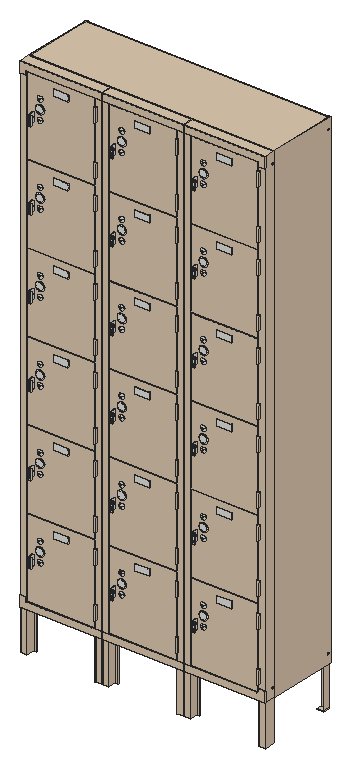
Revit family "Metal_Vented_Lockers-Salsbury_Industries-75000_76000_Series-3_Wide_Units", category Specialty Equipment, Revit 2016
Family settings
  Part Type = Normal
  Round Connector Dimension = Use Diameter
  OmniClass Number = 23.40.00.00
  OmniClass Title = Equipment and Furnishings
  Work Plane-Based = No
  Always vertical = Yes
  Cut with Voids When Loaded = No
  Shared = No
  Room Calculation Point = No
Parameters (values of type "76362 - with Standard 6" High Legs")
  Zee Base Corner - Right Side [instance] = Metal Locker Zee Base Corner : None
  Zee Base Corner - Left Side [instance] = Metal Locker Zee Base Corner : None
  Zee Base - Right Side [instance] = Metal Locker Zee Base-Right Side : None
  Zee Base - Left Side [instance] = Metal Locker Zee Base-Left Side : None
  Zee Base = Metal Locker Zee Base - 3 Wide : None
  Width = 36.040"
  Version = "2.0 (01/30/18)"
  Vent Offset = if(Depth = 12.010", 3.250", if(Depth = 15.010", 3.500", if(Depth = 18.010", 3.750", 0.000")))  # 3.250"
  Vent Configuration Height = Vents : 6 foot high vents
  Vent Array Spacing = 1.187"
  Vent Array 2 = if(Depth = 12.010", 5, if(Depth = 15.010", 7, if(Depth = 18.010", 9, 0)))  # 5
  Vent Array 1 = Vent Array 2 + 1  # 6
  Unit Height including Sloping Hood Only [instance] = 78.625"
  Unit Height = 72.000"
  URL = "www.lockers.com"
  Type Comments = "12\" Wide Vented Metal Locker - Box Style Six Tier"
  Total Door(s) Height [instance] = 69.81949"
  Top Row of Doors = yes
  Top Compartment Divider = yes
  Sloping Top In-Line Filler - Right Side [instance] = Metal Locker Sloping Top Filler : None
  Sloping Top In-Line Filler - Left Side [instance] = Metal Locker Sloping Top Filler : None
  Sloping Top Corner Filler - Right Side [instance] = Metal Locker Sloping Corner Filler : None
  Sloping Top Corner Filler - Left Side [instance] = Metal Locker Sloping Corner Filler : None
  Sloping Hood Height = if(Depth = 12.010", 6.625", if(Depth = 15.010", 8.682", if(Depth = 18.010", 10.739", 0.000")))  # 6.625"
  Sloping Hood [instance] = Metal Locker Sloping Hood : None
  Compartment Divider Height = Individual Door Height - 0.375"  # 11.157"
  Right Side Base [instance] = Metal Locker Right Side Base : None
  Primary Structure Material [instance] = Paint - Salsbury Finish - Tan
  Overall Width including Rivets [instance] = 36.120"
  Unit Height including Base Only [instance] = 78.000"
  Overall Unit Height (including Base and Sloping Hood) [instance] = 84.625"
  OmniClass 23 Title = "Equipment and Furnishings"
  OmniClass 23 Number = "23.40.00.00"
  Model = "76362"
  MasterFormat Title = "Lockers"
  MasterFormat Number = "10 51 13"
  Manufacturer = "Salsbury Industries"
  Left Side Base [instance] = Metal Locker Left Side Base : None
  Individual Door Height = 11.532"
  Hasp Plate Rivet Material = Steel -Salsbury Finish - Polished Steel
  Hasp Handle Material = Plastic - Salsbury Finish - Black
  Front Vertical Filler - Right [instance] = Metal Locker Front Filler : None
  Front Vertical Filler - Left [instance] = Metal Locker Front Filler : None
  Front Base [instance] = Metal Locker Front Base : None
  Flat Top In-Line Filler - Right Side [instance] = Metal Locker Flat Top Filler : None
  Flat Top In-Line Filler - Left Side [instance] = Metal Locker Flat Top Filler : None
  Flat Top Corner Filler - Right Side [instance] = Metal Locker Flat Corner Filler : None
  Flat Top Corner Filler - Left Side [instance] = Metal Locker Flat Corner Filler : None
  Individual Door Width [instance] = 33.90055"
  End Panel - Right Side [instance] = Metal Locker End Panel : None
  End Panel - Left Side [instance] = Metal Locker End Panel : None
  Door Location D1 = Vented Metal Locker Doors-12 inch with Latch Hasps : Six Tier Door - 6 foot
  Description = "3 Wide - 6 Feet High - 12 Inches Deep"
  Depth = 12.010"
  Base Height = 6.000"
  Standard Leg Base = Metal Locker Legs - 3 Wide : 6" High - 36" W x 12" D
  Assembly Code = "C1030310"
Reference planes (in)
  plane 1 "Center (Front/Back)": y = 0
  plane 2: z = 0
  plane 3 "Center (Left/Right)": x = 0
  plane 4 "Floor": z = 0
  plane 5 "Bottom of Unit": z = 6
  plane 6 "Top of Unit": z = 78
  plane 7 "Left Side of Unit": x = -18.02
  plane 8 "Right Side of Unit": x = 18.02
  plane 9 "Back of Unit": y = 6.005
  plane 10 "Front of Unit": y = -6.005
  plane 11 "Top of Sloping Hood": z = 84.625
  plane 12 "Left Rivet": x = -18.06
  plane 13 "Right Rivet": x = 18.06
  plane 14 "Right Side of Door Opening": x = 17.02
  plane 15 "Left Side of Door Opening": x = -17.02
  plane 16 "Top of Door Opening": z = 77
  plane 17 "Bottom of Door Opening": z = 7
  plane 18 "Back Edge of Front Facing": y = -4.417
  plane 19 "Front Plate Plane": y = -6.065
  plane 20 "Horizontal Center of Top Rivets": z = 76.5
  plane 21 "Horiz Center of Bottom Rivets": z = 7.5
  plane 22 "Vertical Center of Back Rivets": y = 5.505
  plane 23 "Vertical Center of Front Rivets": y = -4.755
  plane 24 "Right Align Top Filler Overlap": x = 17.435
  plane 25 "Left Align Top Filler Overlap": x = -17.435
  plane 26 "Corner Filler Align-Left": x = -18.08
  plane 27 "Corner Filler Align-Right": x = 18.08
  plane 28 "Right Side of Door": x = 16.95026
  plane 29 "Top of Door 1": z = 76.90976
  plane 30 "Bottom of Bottom Door": z = 7.09027
  plane 31 "Zee Base Offset": x = -17.669
  plane 32: x = 17.669
  plane 33 "Compartment Align 3": z = 19.157
  plane 34: x = -17.96
  plane 35: x = 17.96
  plane 36: x = -17.635
  plane 37: x = 17.635
  plane 38: y = 5.945
  plane 39: y = 5.895
  plane 40: y = 5.145
  plane 41: x = -17.9
  plane 42: x = 17.9
  plane 43: x = -17.095
  plane 44: x = 17.095
  plane 45: z = 77.94
  plane 46: z = 19.097
  plane 47: z = 18.157
  plane 48: z = 6.9204
  plane 49: z = 6.18539
  plane 50: z = 76.40796
  plane 51: z = 7.59204
  plane 52 "Right Side of Center Unit": x = 6.00667
  plane 53 "Left Side of Center Unit": x = -6.00667
  plane 54: x = 6.98167
  plane 55 "Left Side of Door Opening-Right Door": x = 7.00667
  plane 56: x = 5.03167
  plane 57 "Right Side of Door Opening-Center Door": x = 5.00667
  plane 58 "Right Side of Door - Center Door": x = 4.93667
  plane 59: x = -5.03167
  plane 60 "Left Side of Door Opening - Center Door": x = -5.00667
  plane 61: x = -6.98167
  plane 62 "Right Side of Door Opening - Left Door": x = -7.00667
  plane 63 "Right Side of Door - Left Door": x = -7.07667
  plane 64: z = 18.157
  plane 65 "Top of Door Row 3": z = 18.62227
  plane 66 "Bottom of Door Row 2": z = 18.74776
  plane 67 "Top of Door Row 2": z = 30.27976
  plane 68: z = 30.40676
  plane 69 "Compartment Align 2": z = 30.77927
  plane 70: z = 30.71927
  plane 71: z = 29.77927
  plane 72: z = 53.22076
  plane 73: z = 41.93876
  plane 74: z = 42.06376
  plane 75: z = 41.43676
  plane 76: z = 42.37676
  plane 77 "Compartment Align 1": z = 42.43676
  plane 78: z = 70.70625
  plane 79: z = 53.59576
  plane 80: z = 53.72076
  plane 81: z = 65.25276
  plane 82: z = 65.37776
  plane 83: z = 53.09576
  plane 84: z = 54.03576
  plane 85: z = 54.09576
  plane 86: z = 64.75276
  plane 87: z = 65.69276
  plane 88: z = 65.75276
  plane 89: z = 82.36525
  plane 90: z = 94.02225
  plane 91 "Front Vent Align": y = -2.755
  plane 92: y = -2.385
  plane 93: y = -1.791
  plane 94 "Top Vent Align": z = 73.562
  plane 95: z = 72.81
  plane 96: z = 71.97
Forms (in)
  Sweep 1, solid, material "Paint - Salsbury Finish - Tan" <- "Primary Structure Material"
    path origin (0, -6.005, 0) x (1, 0, 0) y (0, 0, 1)
      loop
        line (6.00667, 78) -> (6.00667, 6) -> (18.02, 6) -> (18.02, 78) -> (6.00667, 78)
    profile origin (12.01333, -6.005, 78) x (0, 0, 1) y (0, -1, 0)
      loop
        line (0, 0) -> (-1, 0) -> (-1, -1.588) -> (0, -1.588) -> (0, 0)
  Extrusion 2, solid, material "Paint - Salsbury Finish - Tan" <- "Primary Structure Material"
    sketch origin (0, 0, 6) x (0, -1, 0) y (1, 0, 0)
      loop
        line (4.417, 18.02) -> (-6.005, 18.02) -> (-6.005, 17.635) -> (-5.945, 17.635) -> (-5.945, 17.96) -> (4.417, 17.96) -> (4.417, 18.02)
    from 0 to 72
  Extrusion 3, solid, material "Paint - Salsbury Finish - Tan" <- "Primary Structure Material"
    sketch origin (0, 0, 6) x (0, -1, 0) y (1, 0, 0)
      loop
        line (4.417, -18.02) -> (4.417, -17.96) -> (-5.945, -17.96) -> (-5.945, -17.635) -> (-6.005, -17.635) -> (-6.005, -18.02) -> (4.417, -18.02)
    from 0 to 72
  Extrusion 4, solid, material "Paint - Salsbury Finish - Tan" <- "Primary Structure Material"
    sketch origin (0, 0, 6) x (0, -1, 0) y (1, 0, 0)
      loop
        line (-5.945, -17.96) -> (-5.145, -17.96) -> (-5.145, -17.9) -> (-5.895, -17.9) -> (-5.895, 17.9) -> (-5.145, 17.9) -> (-5.145, 17.96) -> (-5.945, 17.96) -> (-5.945, -17.96)
    from 0 to 72
  Sweep 5, solid, material "Paint - Salsbury Finish - Tan" <- "Primary Structure Material"
    path origin (0, 0, 7) x (0, -1, 0) y (1, 0, 0)
      loop
        line (4.417, -17.96) -> (4.417, 17.96) -> (-5.145, 17.96) -> (-5.145, 17.9) -> (-5.895, 17.9) -> (-5.895, -17.9) -> (-5.145, -17.9) -> (-5.145, -17.96) -> (4.417, -17.96)
    profile origin (-17.96, 0.364, 7) x (-1, 0, 0) y (0, 0, 1)
      loop
        line (0, -0.81461) -> (0, -0.0796) -> (-0.06, -0.0796) -> (-0.06, -0.81461) -> (0, -0.81461)
  Extrusion 6, solid, material "Paint - Salsbury Finish - Tan" <- "Primary Structure Material"
    sketch origin (0, 0, 7) x (0, -1, 0) y (1, 0, 0)
      loop
        line (-5.895, -17.9) -> (-5.145, -17.9) -> (-5.145, -17.96) -> (4.417, -17.96) -> (4.417, 17.96) -> (-5.145, 17.96) -> (-5.145, 17.9) -> (-5.895, 17.9) -> (-5.895, -17.9)
    from -0.0796 to 0
  Extrusion 7, solid, material "Paint - Salsbury Finish - Tan" <- "Primary Structure Material"
    sketch origin (0, 0, 78) x (0, -1, 0) y (1, 0, 0)
      loop
        line (-5.895, -17.9) -> (-5.145, -17.9) -> (-5.145, -17.96) -> (4.417, -17.96) -> (4.417, 17.96) -> (-5.145, 17.96) -> (-5.145, 17.9) -> (-5.895, 17.9) -> (-5.895, -17.9)
    from -0.06 to 0
  Extrusion 8, solid, material "Paint - Salsbury Finish - Tan" <- "Primary Structure Material"
    sketch origin (0, -6.065, 0) x (0, 0, -1) y (1, 0, 0)
      loop
        line (-78, -18.02) -> (-76.47656, -18.02)
        arc (-76.47656, -18.02) -> (-76.42806, -17.99991) -> (-76.40796, -17.9514) r 0.0686
        line (-76.40796, -17.9514) -> (-76.40796, -17.16351)
        arc (-76.40796, -17.16351) -> (-76.42809, -17.11506) -> (-76.47656, -17.095) r 0.0686
        line (-76.47656, -17.095) -> (-77, -17.095) -> (-77, 17.095) -> (-76.47656, 17.095)
        arc (-76.47656, 17.095) -> (-76.42809, 17.11506) -> (-76.40796, 17.16351) r 0.0686
        line (-76.40796, 17.16351) -> (-76.40796, 17.9514)
        arc (-76.40796, 17.9514) -> (-76.42806, 17.99991) -> (-76.47656, 18.02) r 0.0686
        line (-76.47656, 18.02) -> (-78, 18.02) -> (-78, -18.02)
    from -0.06 to 0
  Extrusion 9, solid, material "Paint - Salsbury Finish - Tan" <- "Primary Structure Material"
    sketch origin (0, -6.065, 84) x (0, 0, 1) y (-1, 0, 0)
      loop
        line (-78, 18.02) -> (-78, -18.02) -> (-76.47656, -18.02)
        arc (-76.47656, -18.02) -> (-76.42806, -17.99991) -> (-76.40796, -17.9514) r 0.0686
        line (-76.40796, -17.9514) -> (-76.40796, -17.16351)
        arc (-76.40796, -17.16351) -> (-76.42809, -17.11506) -> (-76.47656, -17.095) r 0.0686
        line (-76.47656, -17.095) -> (-77, -17.095) -> (-77, 17.095) -> (-76.47656, 17.095)
        arc (-76.47656, 17.095) -> (-76.42809, 17.11506) -> (-76.40796, 17.16351) r 0.0686
        line (-76.40796, 17.16351) -> (-76.40796, 17.9514)
        arc (-76.40796, 17.9514) -> (-76.42806, 17.99991) -> (-76.47656, 18.02) r 0.0686
        line (-76.47656, 18.02) -> (-78, 18.02)
    from -0.06 to 0
  Blend 10, solid, material "Steel -Salsbury Finish - Polished Steel" <- "Hasp Plate Rivet Material"
    base sketch origin (18.02, 0, 0) x (0, 0, -1) y (0, -1, 0)
      loop
        circle (-76.5, 4.755) r 0.187
    top sketch origin (18.02, 0, 0) x (0, 0, -1) y (0, -1, 0)
      loop
        circle (-76.5, 4.755) r 0.05319
    from 0 to -0.04
  Blend 11, solid, material "Steel -Salsbury Finish - Polished Steel" <- "Hasp Plate Rivet Material"
    base sketch origin (18.02, 0, -69) x (0, 0, -1) y (0, -1, 0)
      loop
        circle (-76.5, 4.755) r 0.187
    top sketch origin (18.02, 0, -69) x (0, 0, -1) y (0, -1, 0)
      loop
        circle (-76.5, 4.755) r 0.05319
    from 0 to -0.04
  Blend 12, solid, material "Steel -Salsbury Finish - Polished Steel" <- "Hasp Plate Rivet Material"
    base sketch origin (18.02, 10.26, -69) x (0, 0, -1) y (0, -1, 0)
      loop
        circle (-76.5, 4.755) r 0.187
    top sketch origin (18.02, 10.26, -69) x (0, 0, -1) y (0, -1, 0)
      loop
        circle (-76.5, 4.755) r 0.05319
    from 0 to -0.04
  Blend 13, solid, material "Steel -Salsbury Finish - Polished Steel" <- "Hasp Plate Rivet Material"
    base sketch origin (18.02, 10.26, 0.0043) x (0, 0, -1) y (0, -1, 0)
      loop
        circle (-76.5, 4.755) r 0.187
    top sketch origin (18.02, 10.26, 0.0043) x (0, 0, -1) y (0, -1, 0)
      loop
        circle (-76.5, 4.755) r 0.05319
    from 0 to -0.04
  Blend 14, solid, material "Steel -Salsbury Finish - Polished Steel" <- "Hasp Plate Rivet Material"
    base sketch origin (-6.02, 0, -69) x (0, 0, -1) y (0, 1, 0)
      loop
        circle (-76.5, -4.755) r 0.187
    top sketch origin (-6.02, 0, -69) x (0, 0, -1) y (0, 1, 0)
      loop
        circle (-76.5, -4.755) r 0.05319
    from -12 to -12.04
  Blend 15, solid, material "Steel -Salsbury Finish - Polished Steel" <- "Hasp Plate Rivet Material"
    base sketch origin (-6.02, 10.26, -69) x (0, 0, -1) y (0, 1, 0)
      loop
        circle (-76.5, -4.755) r 0.187
    top sketch origin (-6.02, 10.26, -69) x (0, 0, -1) y (0, 1, 0)
      loop
        circle (-76.5, -4.755) r 0.05319
    from -12 to -12.04
  Blend 16, solid, material "Steel -Salsbury Finish - Polished Steel" <- "Hasp Plate Rivet Material"
    base sketch origin (-6.02, 0, 0) x (0, 0, -1) y (0, 1, 0)
      loop
        circle (-76.5, -4.755) r 0.187
    top sketch origin (-6.02, 0, 0) x (0, 0, -1) y (0, 1, 0)
      loop
        circle (-76.5, -4.755) r 0.05319
    from -12 to -12.04
  Blend 17, solid, material "Steel -Salsbury Finish - Polished Steel" <- "Hasp Plate Rivet Material"
    base sketch origin (-6.02, 10.26, 0.00039) x (0, 0, -1) y (0, 1, 0)
      loop
        circle (-76.5, -4.755) r 0.187
    top sketch origin (-6.02, 10.26, 0.00039) x (0, 0, -1) y (0, 1, 0)
      loop
        circle (-76.5, -4.755) r 0.05319
    from -12 to -12.04
  Extrusion 18, solid, material "Paint - Salsbury Finish - Tan" <- "Primary Structure Material"
    sketch origin (0, 0, 19.157) x (0, -1, 0) y (1, 0, 0)
      loop
        line (-5.945, -17.9) -> (-5.145, -17.9) -> (-5.145, -17.96) -> (4.417, -17.96) -> (4.417, 17.96) -> (-5.145, 17.96) -> (-5.145, 17.9) -> (-5.945, 17.9) -> (-5.945, -17.9)
    from -0.06 to 0
  Sweep 19, solid, material "Paint - Salsbury Finish - Tan" <- "Primary Structure Material"
    path origin (0, 0, 19.157) x (0, -1, 0) y (1, 0, 0)
      loop
        line (4.417, -17.96) -> (4.417, 17.96) -> (-5.145, 17.96) -> (-5.145, 17.9) -> (-5.945, 17.9) -> (-5.945, -17.9) -> (-5.145, -17.9) -> (-5.145, -17.96) -> (4.417, -17.96)
    profile origin (-17.96, 0.364, 19.157) x (-1, 0, 0) y (0, 0, 1)
      loop
        line (0, -1) -> (0, -0.06) -> (-0.06, -0.06) -> (-0.06, -1) -> (0, -1)
  Sweep 20, solid, material "Paint - Salsbury Finish - Tan" <- "Primary Structure Material"
    path origin (-12.01333, -6.005, 0) x (1, 0, 0) y (0, 0, 1)
      loop
        line (6.00667, 78) -> (6.00667, 6) -> (18.02, 6) -> (18.02, 78) -> (6.00667, 78)
    profile origin (0, -6.005, 78) x (0, 0, 1) y (0, -1, 0)
      loop
        line (0, 0) -> (-1, 0) -> (-1, -1.588) -> (0, -1.588) -> (0, 0)
  Sweep 21, solid, material "Paint - Salsbury Finish - Tan" <- "Primary Structure Material"
    path origin (-24.02667, -6.005, 0) x (1, 0, 0) y (0, 0, 1)
      loop
        line (6.00667, 78) -> (6.00667, 6) -> (18.02, 6) -> (18.02, 78) -> (6.00667, 78)
    profile origin (-12.01333, -6.005, 78) x (0, 0, 1) y (0, -1, 0)
      loop
        line (0, 0) -> (-1, 0) -> (-1, -1.588) -> (0, -1.588) -> (0, 0)
  Extrusion 22, solid, material "Paint - Salsbury Finish - Tan" <- "Primary Structure Material"
    sketch origin (0, 0, 30.77927) x (0, -1, 0) y (1, 0, 0)
      loop
        line (-5.945, -17.9) -> (-5.145, -17.9) -> (-5.145, -17.96) -> (4.417, -17.96) -> (4.417, 17.96) -> (-5.145, 17.96) -> (-5.145, 17.9) -> (-5.945, 17.9) -> (-5.945, -17.9)
    from -0.06 to 0
  Sweep 23, solid, material "Paint - Salsbury Finish - Tan" <- "Primary Structure Material"
    path origin (0, 0, 30.77927) x (0, -1, 0) y (1, 0, 0)
      loop
        line (4.417, -17.96) -> (4.417, 17.96) -> (-5.145, 17.96) -> (-5.145, 17.9) -> (-5.945, 17.9) -> (-5.945, -17.9) -> (-5.145, -17.9) -> (-5.145, -17.96) -> (4.417, -17.96)
    profile origin (-17.96, 0.364, 30.77927) x (-1, 0, 0) y (0, 0, 1)
      loop
        line (0, -1) -> (0, -0.06) -> (-0.06, -0.06) -> (-0.06, -1) -> (0, -1)
  Extrusion 24, solid, material "Paint - Salsbury Finish - Tan" <- "Primary Structure Material"
    sketch origin (0, 0, 42.43676) x (0, -1, 0) y (1, 0, 0)
      loop
        line (-5.945, -17.9) -> (-5.145, -17.9) -> (-5.145, -17.96) -> (4.417, -17.96) -> (4.417, 17.96) -> (-5.145, 17.96) -> (-5.145, 17.9) -> (-5.945, 17.9) -> (-5.945, -17.9)
    from -0.06 to 0
  Sweep 25, solid, material "Paint - Salsbury Finish - Tan" <- "Primary Structure Material"
    path origin (0, 0, 42.43676) x (0, -1, 0) y (1, 0, 0)
      loop
        line (4.417, -17.96) -> (4.417, 17.96) -> (-5.145, 17.96) -> (-5.145, 17.9) -> (-5.945, 17.9) -> (-5.945, -17.9) -> (-5.145, -17.9) -> (-5.145, -17.96) -> (4.417, -17.96)
    profile origin (-17.96, 0.364, 42.43676) x (-1, 0, 0) y (0, 0, 1)
      loop
        line (0, -1) -> (0, -0.06) -> (-0.06, -0.06) -> (-0.06, -1) -> (0, -1)
  Extrusion 26, solid, material "Paint - Salsbury Finish - Tan" <- "Primary Structure Material"
    sketch origin (0, 0, 54.09576) x (0, -1, 0) y (1, 0, 0)
      loop
        line (-5.945, -17.9) -> (-5.145, -17.9) -> (-5.145, -17.96) -> (4.417, -17.96) -> (4.417, 17.96) -> (-5.145, 17.96) -> (-5.145, 17.9) -> (-5.945, 17.9) -> (-5.945, -17.9)
    from -0.06 to 0
  Sweep 27, solid, material "Paint - Salsbury Finish - Tan" <- "Primary Structure Material"
    path origin (0, 0, 54.09576) x (0, -1, 0) y (1, 0, 0)
      loop
        line (4.417, -17.96) -> (4.417, 17.96) -> (-5.145, 17.96) -> (-5.145, 17.9) -> (-5.945, 17.9) -> (-5.945, -17.9) -> (-5.145, -17.9) -> (-5.145, -17.96) -> (4.417, -17.96)
    profile origin (-17.96, 0.364, 54.09576) x (-1, 0, 0) y (0, 0, 1)
      loop
        line (0, -1) -> (0, -0.06) -> (-0.06, -0.06) -> (-0.06, -1) -> (0, -1)
  Extrusion 28, solid, material "Paint - Salsbury Finish - Tan" <- "Primary Structure Material", visible <- "Top Compartment Divider"
    sketch origin (0, 0, 65.75276) x (0, -1, 0) y (1, 0, 0)
      loop
        line (-5.945, -17.9) -> (-5.145, -17.9) -> (-5.145, -17.96) -> (4.417, -17.96) -> (4.417, 17.96) -> (-5.145, 17.96) -> (-5.145, 17.9) -> (-5.945, 17.9) -> (-5.945, -17.9)
    from -0.06 to 0
  Sweep 29, solid, material "Paint - Salsbury Finish - Tan" <- "Primary Structure Material", visible <- "Top Compartment Divider"
    path origin (0, 0, 65.75276) x (0, -1, 0) y (1, 0, 0)
      loop
        line (4.417, -17.96) -> (4.417, 17.96) -> (-5.145, 17.96) -> (-5.145, 17.9) -> (-5.945, 17.9) -> (-5.945, -17.9) -> (-5.145, -17.9) -> (-5.145, -17.96) -> (4.417, -17.96)
    profile origin (-17.96, 0.364, 65.75276) x (-1, 0, 0) y (0, 0, 1)
      loop
        line (0, -1) -> (0, -0.06) -> (-0.06, -0.06) -> (-0.06, -1) -> (0, -1)
Lines and regions (in)
  reference lines
    curve 1: line (-41.59242, -6.065, 78) -> (48.15758, -6.065, 78)
  symbolic lines
    curve 2: line (-18.02, 6.005, 78) -> (18.02, 6.005, 78)
    curve 3: line (-18.02, -6.065, 78) -> (-18.02, 6.005, 78)
    curve 4: line (18.02, -6.065, 78) -> (-18.02, -6.065, 78)
    curve 5: line (18.02, 6.005, 78) -> (18.02, -6.065, 78)
    curve 6: line (-18.06, -4.80819, 78) -> (-18.02, -4.91809, 78)
    curve 7: line (-18.02, -4.58043, 78) -> (-18.06, -4.70181, 78)
    curve 8: line (-18.06, -4.80819, 78) -> (-18.06, -4.70181, 78)
    curve 9: line (-18.06, 5.45181, 78) -> (-18.02, 5.31077, 78)
    curve 10: line (-18.06, 5.55819, 78) -> (-18.02, 5.68474, 78)
    curve 11: line (-18.06, 5.55819, 78) -> (-18.06, 5.45181, 78)
    curve 12: line (18.06, 5.55819, 78) -> (18.02, 5.70747, 78)
    curve 13: line (18.06, 5.45181, 78) -> (18.02, 5.3179, 78)
    curve 14: line (18.06, 5.55819, 78) -> (18.06, 5.45181, 78)
    curve 15: line (18.06, -4.70181, 78) -> (18.02, -4.57098, 78)
    curve 16: line (18.06, -4.80819, 78) -> (18.02, -4.94769, 78)
    curve 17: line (18.06, -4.70181, 78) -> (18.06, -4.80819, 78)
  model lines
    curve 18: line (6.00667, 6.005, 6) -> (6.00667, 6.005, 78)
    curve 19: line (-6.00667, 6.005, 6) -> (-6.00667, 6.005, 78)
    curve 20: line (-6.00667, 5.945, 78) -> (-6.00667, -6.065, 78)
    curve 21: line (6.00667, 5.945, 78) -> (6.00667, -6.065, 78)
Dimensions and locks (in)
  equal spacing: plane 7 "Left Side of Unit", plane 53 "Left Side of Center Unit", plane 52 "Right Side of Center Unit", plane 8 "Right Side of Unit"
  "Width": plane 7 "Left Side of Unit" to plane 8 "Right Side of Unit"
  "Base Height": plane 5 "Bottom of Unit" to plane 4 "Floor"
  "Unit Height": plane 6 "Top of Unit" to plane 5 "Bottom of Unit"
  "Unit Height including Base Only": plane 6 "Top of Unit" to plane 4 "Floor"
  equal spacing: plane 10 "Front of Unit", plane 1 "Center (Front/Back)", plane 9 "Back of Unit"
  "Depth": plane 10 "Front of Unit" to plane 9 "Back of Unit"
  "Sloping Hood Height": plane 11 "Top of Sloping Hood" to plane 6 "Top of Unit"
  "Overall Unit Height (including Base and Sloping Hood)": plane 11 "Top of Sloping Hood" to plane 4 "Floor"
  locked: plane 12 "Left Rivet" to plane 7 "Left Side of Unit" at 0.04
  locked: plane 8 "Right Side of Unit" to plane 13 "Right Rivet" at 0.04
  "Overall Width including Rivets": plane 12 "Left Rivet" to plane 13 "Right Rivet"
  plane 6 "Top of Unit" to plane 16 "Top of Door Opening" to plane 29 "Top of Door 1" to plane 50 = 1.000" locked, 0.09024", 0.5018"
  plane 51 to plane 30 "Bottom of Bottom Door" to plane 17 "Bottom of Door Opening" to plane 5 "Bottom of Unit" = 0.50177", 0.09027", 1.000" locked
  locked: plane 7 "Left Side of Unit" to plane 15 "Left Side of Door Opening" at 1
  plane 28 "Right Side of Door" to plane 14 "Right Side of Door Opening" to plane 8 "Right Side of Unit" = 0.06974", 1.000" locked
  plane 19 "Front Plate Plane" to plane 10 "Front of Unit" to plane 18 "Back Edge of Front Facing" = 0.060" locked, 1.588" locked
  "Unit Height including Sloping Hood Only": plane 11 "Top of Sloping Hood" to plane 5 "Bottom of Unit"
  locked: plane 20 "Horizontal Center of Top Rivets" to plane 6 "Top of Unit" at 1.5
  locked: plane 5 "Bottom of Unit" to plane 21 "Horiz Center of Bottom Rivets" at 1.5
  locked: plane 22 "Vertical Center of Back Rivets" to plane 9 "Back of Unit" at 0.5
  locked: plane 10 "Front of Unit" to plane 23 "Vertical Center of Front Rivets" at 1.25
  locked: plane 24 "Right Align Top Filler Overlap" to plane 13 "Right Rivet" at 0.625
  locked: plane 12 "Left Rivet" to plane 25 "Left Align Top Filler Overlap" at 0.625
  locked: plane 8 "Right Side of Unit" to plane 27 "Corner Filler Align-Right" at 0.06
  locked: plane 26 "Corner Filler Align-Left" to plane 7 "Left Side of Unit" at 0.06
  "Total Door(s) Height": plane 29 "Top of Door 1" to plane 30 "Bottom of Bottom Door"
  plane 7 "Left Side of Unit" to plane 31 "Zee Base Offset" = 0.351"
  plane 32 to plane 8 "Right Side of Unit" = 0.351"
  plane 33 "Compartment Align 3" to plane 46 to plane 64 = 0.060" locked, 0.940" locked
  plane 7 "Left Side of Unit" to plane 34 to plane 41 to plane 36 = 0.060" locked, 0.060" locked, 0.265" locked
  plane 37 to plane 42 to plane 35 to plane 8 "Right Side of Unit" = 0.265" locked, 0.060", 0.060"
  plane 40 to plane 39 to plane 38 to plane 9 "Back of Unit" = 0.750" locked, 0.050", 0.060"
  locked: plane 7 "Left Side of Unit" to plane 43 at 0.925
  locked: plane 44 to plane 8 "Right Side of Unit" at 0.925
  locked: plane 6 "Top of Unit" to plane 45 at 0.06
  plane 46 to plane 47 = 0.940"
  locked: plane 17 "Bottom of Door Opening" to plane 48 at 0.0796
  plane 48 to plane 49 = 0.73501"
  plane 58 "Right Side of Door - Center Door" to plane 57 "Right Side of Door Opening-Center Door" to plane 56 to plane 52 "Right Side of Center Unit" to plane 54 to plane 55 "Left Side of Door Opening-Right Door" = 0.070", 0.025", 0.975", 0.975", 0.025"
  plane 63 "Right Side of Door - Left Door" to plane 62 "Right Side of Door Opening - Left Door" to plane 61 to plane 53 "Left Side of Center Unit" to plane 59 to plane 60 "Left Side of Door Opening - Center Door" = 0.070", 0.025", 0.975", 0.975", 0.025"
  "Individual Door Height": plane 65 "Top of Door Row 3" to plane 30 "Bottom of Bottom Door"
  "Compartment Divider Height": plane 64 to plane 17 "Bottom of Door Opening"
  locked: plane 66 "Bottom of Door Row 2" to plane 65 "Top of Door Row 3" at 0.12549
  "Individual Door Height": plane 67 "Top of Door Row 2" to plane 66 "Bottom of Door Row 2"
  locked: plane 68 to plane 67 "Top of Door Row 2" at 0.127
  plane 69 "Compartment Align 2" to plane 70 to plane 71 = 0.060" locked, 0.940" locked
  "Compartment Divider Height": plane 71 to plane 65 "Top of Door Row 3"
  "Individual Door Height": plane 73 to plane 68
  locked: plane 74 to plane 73 at 0.125
  "Compartment Divider Height": plane 75 to plane 67 "Top of Door Row 2"
  plane 77 "Compartment Align 1" to plane 76 to plane 75 = 0.060" locked, 0.940" locked
  locked: plane 80 to plane 79 at 0.125
  locked: plane 82 to plane 81 at 0.125
  "Individual Door Height": plane 79 to plane 74
  "Individual Door Height": plane 81 to plane 80
  "Compartment Divider Height": plane 83 to plane 73
  "Compartment Divider Height": plane 86 to plane 79
  plane 85 to plane 84 to plane 83 = 0.060" locked, 0.940" locked
  plane 88 to plane 87 to plane 86 = 0.060" locked, 0.940" locked
  "Vent Offset": plane 10 "Front of Unit" to plane 91 "Front Vent Align"
  plane 91 "Front Vent Align" to plane 92 to plane 93 = 0.370" locked, 0.594" locked
  plane 94 "Top Vent Align" to plane 6 "Top of Unit" = 4.438"
  plane 96 to plane 95 to plane 94 "Top Vent Align" = 0.840", 0.752"
  equal spacing: group 1, group 2, group 3, group 4, group 5, group 6  (x3)
  equal spacing: group 7, group 8, group 9, group 10, group 11  (x3)
  "Vent Array Spacing": nested 41 to nested 43
  "Vent Array Spacing": nested 42 to nested 48
  equal spacing: group 12, group 13, group 14, group 15, group 16, group 17  (x3)
  equal spacing: group 18, group 19, group 20, group 21, group 22  (x3)
  "Vent Array Spacing": nested 54 to nested 52
  "Vent Array Spacing": nested 59 to nested 53
  aligned and locked: level to plane 2
  aligned and locked: Extrusion 2 to plane 6 "Top of Unit"
  aligned and locked: Extrusion 3 to plane 6 "Top of Unit"
  aligned and locked: Extrusion 4 to plane 6 "Top of Unit"
  aligned and locked: Extrusion 8 to plane 10 "Front of Unit"
  aligned and locked: Extrusion 9 to plane 10 "Front of Unit"
  aligned and locked: Extrusion 6 to plane 17 "Bottom of Door Opening"
  aligned and locked: plane 4 "Floor" to nested 2
  aligned and locked: plane 5 "Bottom of Unit" to Extrusion 9
  aligned and locked: plane 8 "Right Side of Unit" to nested 6
  aligned and locked: plane 7 "Left Side of Unit" to nested 7
  aligned and locked: Blend 10 to plane 13 "Right Rivet"
  aligned and locked: plane 8 "Right Side of Unit" to Blend 10
  aligned and locked: Blend 15 to plane 7 "Left Side of Unit"
  aligned and locked: Blend 14 to plane 7 "Left Side of Unit"  (x2)
  aligned and locked: plane 12 "Left Rivet" to Blend 14
  aligned and locked: plane 12 "Left Rivet" to Blend 15
  aligned and locked: Blend 14 to plane 12 "Left Rivet"
  aligned and locked: Blend 17 to plane 7 "Left Side of Unit"
  aligned and locked: plane 12 "Left Rivet" to Blend 17
  aligned and locked: Blend 16 to plane 7 "Left Side of Unit"
  aligned and locked: plane 12 "Left Rivet" to Blend 16
  aligned and locked: plane 5 "Bottom of Unit" to nested 10
  aligned and locked: plane 13 "Right Rivet" to nested 10
  aligned and locked: plane 12 "Left Rivet" to nested 11
  aligned and locked: nested 11 to plane 10 "Front of Unit"
  aligned and locked: plane 13 "Right Rivet" to nested 12
  aligned and locked: plane 10 "Front of Unit" to nested 12
  aligned and locked: plane 6 "Top of Unit" to nested 12
  aligned and locked: plane 12 "Left Rivet" to nested 13
  aligned and locked: plane 10 "Front of Unit" to nested 13
  aligned and locked: plane 6 "Top of Unit" to nested 13
  aligned and locked: plane 6 "Top of Unit" to nested 14
  aligned and locked: nested 14 to plane 19 "Front Plate Plane"
  aligned and locked: nested 14 to plane 24 "Right Align Top Filler Overlap"
  aligned and locked: nested 15 to plane 25 "Left Align Top Filler Overlap"
  aligned and locked: nested 15 to plane 19 "Front Plate Plane"
  aligned and locked: nested 10 to nested 15
  aligned and locked: plane 19 "Front Plate Plane" to nested 16
  aligned and locked: plane 6 "Top of Unit" to nested 16
  aligned and locked: nested 17 to plane 6 "Top of Unit"
  aligned and locked: nested 17 to plane 19 "Front Plate Plane"
  aligned and locked: nested 18 to plane 24 "Right Align Top Filler Overlap"
  aligned and locked: nested 18 to plane 19 "Front Plate Plane"
  aligned and locked: plane 16 "Top of Door Opening" to nested 18
  aligned and locked: nested 19 to plane 16 "Top of Door Opening"
  aligned and locked: nested 19 to plane 25 "Left Align Top Filler Overlap"
  aligned and locked: nested 19 to plane 19 "Front Plate Plane"
  aligned and locked: nested 11 to plane 6 "Top of Unit"
  aligned and locked: plane 10 "Front of Unit" to nested 10
  aligned and locked: plane 10 "Front of Unit" to nested 22
  aligned and locked: plane 10 "Front of Unit" to nested 1
  aligned and locked: plane 10 "Front of Unit" to nested 2
  aligned and locked: plane 7 "Left Side of Unit" to nested 17
  aligned and locked: plane 31 "Zee Base Offset" to nested 9
  aligned and locked: plane 18 "Back Edge of Front Facing" to nested 9
  aligned and locked: nested 8 to plane 18 "Back Edge of Front Facing"
  aligned and locked: plane 32 to nested 8
  aligned and locked: nested 21 to curve 1
  aligned and locked: nested 20 to curve 1
  aligned and locked: Sweep 19 sketch curve to Extrusion 18
  aligned and locked: plane 7 "Left Side of Unit" to Extrusion 3
  aligned and locked: Extrusion 3 to plane 9 "Back of Unit"
  aligned and locked: Extrusion 2 to plane 8 "Right Side of Unit"
  aligned and locked: Extrusion 2 to plane 9 "Back of Unit"
  aligned and locked: plane 18 "Back Edge of Front Facing" to Extrusion 3
  aligned and locked: plane 18 "Back Edge of Front Facing" to Extrusion 2
  aligned and locked: plane 34 to Extrusion 3
  aligned and locked: plane 35 to Extrusion 2
  aligned and locked: plane 36 to Extrusion 3
  aligned and locked: plane 37 to Extrusion 2
  aligned and locked: Extrusion 3 to plane 38
  aligned and locked: plane 38 to Extrusion 2
  aligned and locked: Extrusion 4 to plane 38
  aligned and locked: Extrusion 4 to plane 39
  aligned and locked: plane 34 to Extrusion 4
  aligned and locked: plane 40 to Extrusion 4  (x2)
  aligned and locked: plane 41 to Extrusion 4
  aligned and locked: plane 42 to Extrusion 4
  aligned and locked: Extrusion 7 to plane 39
  aligned and locked: plane 41 to Extrusion 7
  aligned and locked: plane 34 to Extrusion 7  (x2)
  aligned and locked: Extrusion 7 to plane 40  (x2)
  aligned and locked: Extrusion 7 to plane 42
  aligned and locked: Extrusion 7 to plane 35  (x2)
  aligned and locked: plane 18 "Back Edge of Front Facing" to Extrusion 7
  aligned and locked: plane 18 "Back Edge of Front Facing" to Extrusion 6
  aligned and locked: Extrusion 6 to plane 39
  aligned and locked: Extrusion 6 to plane 42
  aligned and locked: Extrusion 6 to plane 40  (x2)
  aligned and locked: Extrusion 6 to plane 35
  aligned and locked: plane 41 to Extrusion 6
  aligned and locked: plane 34 to Extrusion 6
  aligned and locked: Sweep 5 to plane 39
  aligned and locked: Sweep 5 to plane 40  (x2)
  aligned and locked: Sweep 5 to plane 42
  aligned and locked: Sweep 5 to plane 35
  aligned and locked: plane 18 "Back Edge of Front Facing" to Sweep 5
  aligned and locked: plane 34 to Sweep 5
  aligned and locked: plane 41 to Sweep 5
  aligned and locked: Sweep 5 sketch curve to plane 41
  aligned and locked: Sweep 5 sketch curve to plane 39
  aligned and locked: plane 40 to Sweep 5 sketch curve  (x2)
  aligned and locked: Sweep 5 sketch curve to plane 34  (x2)
  aligned and locked: plane 42 to Sweep 5 sketch curve
  aligned and locked: plane 35 to Sweep 5 sketch curve
  aligned and locked: Sweep 5 sketch curve to plane 18 "Back Edge of Front Facing"
  aligned and locked: Extrusion 18 to plane 42
  aligned and locked: Extrusion 18 to plane 40  (x2)
  aligned and locked: Extrusion 18 to plane 35
  aligned and locked: plane 18 "Back Edge of Front Facing" to Extrusion 18
  aligned and locked: plane 34 to Extrusion 18
  aligned and locked: plane 41 to Extrusion 18
  aligned and locked: plane 42 to Sweep 19 sketch curve
  aligned and locked: plane 40 to Sweep 19 sketch curve  (x2)
  aligned and locked: plane 35 to Sweep 19 sketch curve
  aligned and locked: Sweep 19 sketch curve to plane 18 "Back Edge of Front Facing"
  aligned and locked: Sweep 19 sketch curve to plane 34  (x2)
  aligned and locked: Sweep 19 sketch curve to plane 41
  aligned and locked: plane 6 "Top of Unit" to Sweep 1 sketch curve  (x2)
  aligned and locked: plane 8 "Right Side of Unit" to Sweep 1 sketch curve
  aligned and locked: Sweep 1 sketch curve to plane 5 "Bottom of Unit"
  aligned and locked: plane 10 "Front of Unit" to Sweep 1
  aligned and locked: Extrusion 8 to plane 19 "Front Plate Plane"
  aligned and locked: plane 10 "Front of Unit" to Extrusion 8
  aligned and locked: Extrusion 8 to plane 8 "Right Side of Unit"
  aligned and locked: plane 7 "Left Side of Unit" to Extrusion 8
  aligned and locked: plane 7 "Left Side of Unit" to Extrusion 9
  aligned and locked: plane 19 "Front Plate Plane" to Extrusion 9
  aligned and locked: Extrusion 9 to plane 8 "Right Side of Unit"
  aligned and locked: plane 43 to Extrusion 9
  aligned and locked: plane 44 to Extrusion 9
  aligned and locked: plane 44 to Extrusion 8
  aligned and locked: Extrusion 8 to plane 43
  aligned and locked: plane 28 "Right Side of Door" to nested 22
  aligned and locked: plane 18 "Back Edge of Front Facing" to Sweep 1 sketch curve
  aligned and locked: Sweep 1 sketch curve to plane 16 "Top of Door Opening"
  aligned and locked: Sweep 1 sketch curve to plane 10 "Front of Unit"
  aligned and locked: plane 5 "Bottom of Unit" to Extrusion 4
  aligned and locked: Extrusion 4 to plane 35
  aligned and locked: plane 5 "Bottom of Unit" to Extrusion 3
  aligned and locked: plane 5 "Bottom of Unit" to Extrusion 2
  aligned and locked: Extrusion 7 to plane 6 "Top of Unit"
  aligned and locked: plane 45 to Extrusion 7
  aligned and locked: Extrusion 18 to plane 33 "Compartment Align 3"
  aligned and locked: Extrusion 18 to plane 46
  aligned and locked: plane 41 to Sweep 19 sketch curve
  aligned and locked: plane 47 to Sweep 19 sketch curve
  aligned and locked: Extrusion 6 to plane 48
  aligned and locked: Sweep 5 to plane 48
  aligned and locked: Sweep 5 sketch curve to plane 49
  aligned and locked: Sweep 5 sketch curve to plane 48
  aligned and locked: plane 41 to Sweep 5 sketch curve
  aligned and locked: plane 50 to Extrusion 8
  aligned and locked: Extrusion 8 to plane 50
  aligned and locked: Extrusion 8 to plane 6 "Top of Unit"
  aligned and locked: plane 16 "Top of Door Opening" to Extrusion 8
  aligned and locked: Extrusion 9 to plane 17 "Bottom of Door Opening"
  aligned and locked: plane 51 to Extrusion 9  (x2)
  aligned and locked: plane 4 "Floor" to nested 1
  aligned and locked: Blend 12 to plane 13 "Right Rivet"
  aligned and locked: plane 8 "Right Side of Unit" to Blend 12
  aligned and locked: plane 8 "Right Side of Unit" to Blend 13
  aligned and locked: Blend 13 to plane 13 "Right Rivet"
  aligned and locked: plane 8 "Right Side of Unit" to Blend 11
  aligned and locked: Blend 11 to plane 13 "Right Rivet"
  aligned and locked: nested 21 to curve 3
  aligned and locked: curve 4 to Extrusion 8
  aligned and locked: curve 5 to Extrusion 8
  aligned and locked: curve 8 to Blend 14
  aligned and locked: curve 11 to Blend 15
  aligned and locked: curve 14 to Blend 12
  aligned and locked: curve 17 to Blend 10
  aligned and locked: plane 8 "Right Side of Unit" to nested 20
  aligned and locked: plane 7 "Left Side of Unit" to nested 21
  aligned and locked: Sweep 1 sketch curve to plane 52 "Right Side of Center Unit"
  aligned and locked: plane 6 "Top of Unit" to Sweep 20 sketch curve
  aligned and locked: Sweep 20 sketch curve to plane 5 "Bottom of Unit"
  aligned and locked: Sweep 21 sketch curve to plane 5 "Bottom of Unit"
  aligned and locked: plane 53 "Left Side of Center Unit" to Sweep 21 sketch curve
  aligned and locked: Sweep 21 sketch curve to plane 7 "Left Side of Unit"
  aligned and locked: plane 6 "Top of Unit" to Sweep 21 sketch curve
  aligned and locked: Sweep 20 sketch curve to plane 53 "Left Side of Center Unit"
  aligned and locked: plane 52 "Right Side of Center Unit" to Sweep 20 sketch curve
  aligned and locked: plane 10 "Front of Unit" to nested 24
  aligned and locked: plane 18 "Back Edge of Front Facing" to Sweep 20 sketch curve
  aligned and locked: Sweep 20 sketch curve to plane 16 "Top of Door Opening"
  aligned and locked: profile plane to Sweep 20 sketch curve
  aligned and locked: Sweep 20 sketch curve to profile plane
  aligned and locked: profile plane to Sweep 21 sketch curve
  aligned and locked: plane 18 "Back Edge of Front Facing" to Sweep 21 sketch curve
  aligned and locked: Sweep 21 sketch curve to plane 16 "Top of Door Opening"
  aligned and locked: Sweep 21 sketch curve to profile plane
  aligned and locked: plane 58 "Right Side of Door - Center Door" to nested 23
  aligned and locked: plane 63 "Right Side of Door - Left Door" to nested 24
  aligned and locked: nested 23 to plane 30 "Bottom of Bottom Door"
  aligned and locked: nested 24 to plane 30 "Bottom of Bottom Door"
  aligned and locked: plane 4 "Floor" to nested 5
  aligned and locked: plane 8 "Right Side of Unit" to nested 5
  aligned and locked: plane 9 "Back of Unit" to nested 6
  aligned and locked: plane 9 "Back of Unit" to nested 7
  aligned and locked: plane 52 "Right Side of Center Unit" to curve 18
  aligned and locked: plane 53 "Left Side of Center Unit" to curve 19
  aligned and locked: plane 5 "Bottom of Unit" to curve 19
  aligned and locked: plane 5 "Bottom of Unit" to curve 18
  aligned and locked: plane 6 "Top of Unit" to curve 18
  aligned and locked: plane 6 "Top of Unit" to curve 19
  aligned and locked: curve 20 to Extrusion 4
  aligned and locked: curve 20 to Sweep 21
  aligned and locked: curve 21 to Sweep 20
  aligned and locked: Extrusion 4 to curve 21
  aligned and locked: Extrusion 8 to curve 20
  aligned and locked: plane 6 "Top of Unit" to nested 25
  aligned and locked: plane 19 "Front Plate Plane" to nested 25
  aligned and locked: plane 10 "Front of Unit" to nested 23
  aligned and locked: nested 22 to plane 30 "Bottom of Bottom Door"
  aligned and locked: Sweep 19 to plane 64
  aligned and locked: nested 26 to plane 66 "Bottom of Door Row 2"
  aligned and locked: nested 27 to plane 66 "Bottom of Door Row 2"
  aligned and locked: nested 28 to plane 66 "Bottom of Door Row 2"
  aligned and locked: plane 28 "Right Side of Door" to nested 26
  aligned and locked: plane 58 "Right Side of Door - Center Door" to nested 27
  aligned and locked: plane 63 "Right Side of Door - Left Door" to nested 28
  aligned and locked: plane 10 "Front of Unit" to nested 26
  aligned and locked: plane 10 "Front of Unit" to nested 27
  aligned and locked: plane 10 "Front of Unit" to nested 28
  aligned and locked: plane 68 to nested 29
  aligned and locked: nested 30 to plane 68
  aligned and locked: nested 31 to plane 68
  aligned and locked: Extrusion 22 to Sweep 23 sketch curve
  aligned and locked: plane 70 to Extrusion 22
  aligned and locked: Extrusion 22 to plane 69 "Compartment Align 2"
  aligned and locked: Sweep 23 sketch curve to plane 71
  aligned and locked: plane 28 "Right Side of Door" to nested 29
  aligned and locked: plane 58 "Right Side of Door - Center Door" to nested 30
  aligned and locked: plane 63 "Right Side of Door - Left Door" to nested 31
  aligned and locked: plane 10 "Front of Unit" to nested 29
  aligned and locked: plane 10 "Front of Unit" to nested 30
  aligned and locked: plane 10 "Front of Unit" to nested 31
  aligned and locked: Sweep 23 to Extrusion 22  (x2)
  aligned and locked: plane 18 "Back Edge of Front Facing" to Extrusion 22
  aligned and locked: Extrusion 22 to nested 5  (x2)
  aligned and locked: Extrusion 22 to Sweep 23  (x2)
  aligned and locked: Sweep 23 sketch curve to plane 18 "Back Edge of Front Facing"
  aligned and locked: plane 35 to Sweep 23 sketch curve
  aligned and locked: plane 42 to Sweep 23 sketch curve
  aligned and locked: Sweep 23 sketch curve to plane 34
  aligned and locked: Sweep 23 sketch curve to plane 41
  aligned and locked: Sweep 23 sketch curve to plane 38
  aligned and locked: plane 74 to nested 32
  aligned and locked: nested 33 to plane 74
  aligned and locked: nested 34 to plane 74
  aligned and locked: plane 28 "Right Side of Door" to nested 32
  aligned and locked: plane 58 "Right Side of Door - Center Door" to nested 33
  aligned and locked: plane 63 "Right Side of Door - Left Door" to nested 34
  aligned and locked: plane 10 "Front of Unit" to nested 32
  aligned and locked: plane 10 "Front of Unit" to nested 33
  aligned and locked: plane 10 "Front of Unit" to nested 34
  aligned and locked: Extrusion 24 to Sweep 25 sketch curve
  aligned and locked: Sweep 25 to Extrusion 24  (x2)
  aligned and locked: Extrusion 24 to Sweep 25  (x2)
  aligned and locked: Extrusion 24 to plane 77 "Compartment Align 1"
  aligned and locked: plane 76 to Extrusion 24
  aligned and locked: Extrusion 24 to plane 38
  aligned and locked: plane 18 "Back Edge of Front Facing" to Extrusion 24
  aligned and locked: plane 41 to Extrusion 24
  aligned and locked: Extrusion 24 to plane 42
  aligned and locked: Extrusion 24 to plane 35
  aligned and locked: Sweep 25 sketch curve to plane 34
  aligned and locked: Sweep 25 sketch curve to plane 41
  aligned and locked: Sweep 25 sketch curve to plane 18 "Back Edge of Front Facing"
  aligned and locked: plane 35 to Sweep 25 sketch curve
  aligned and locked: plane 42 to Sweep 25 sketch curve
  aligned and locked: Sweep 25 sketch curve to plane 38
  aligned and locked: Sweep 25 sketch curve to plane 75
  aligned and locked: plane 28 "Right Side of Door" to nested 38
  aligned and locked: plane 58 "Right Side of Door - Center Door" to nested 39
  aligned and locked: plane 63 "Right Side of Door - Left Door" to nested 40
  aligned and locked: nested 35 to plane 80
  aligned and locked: nested 36 to plane 80
  aligned and locked: nested 37 to plane 80
  aligned and locked: nested 38 to plane 82
  aligned and locked: nested 39 to plane 82
  aligned and locked: nested 40 to plane 82
  aligned and locked: plane 28 "Right Side of Door" to nested 35
  aligned and locked: plane 58 "Right Side of Door - Center Door" to nested 36
  aligned and locked: plane 63 "Right Side of Door - Left Door" to nested 37
  aligned and locked: plane 10 "Front of Unit" to nested 38
  aligned and locked: plane 10 "Front of Unit" to nested 35
  aligned and locked: plane 10 "Front of Unit" to nested 39
  aligned and locked: plane 10 "Front of Unit" to nested 36
  aligned and locked: plane 10 "Front of Unit" to nested 37
  aligned and locked: plane 10 "Front of Unit" to nested 40
  aligned and locked: Sweep 27 to Extrusion 26  (x2)
  aligned and locked: Extrusion 26 to Sweep 27  (x2)
  aligned and locked: Sweep 29 to Extrusion 28  (x2)
  aligned and locked: Extrusion 28 to Sweep 29  (x2)
  aligned and locked: Extrusion 26 to plane 85
  aligned and locked: plane 84 to Extrusion 26
  aligned and locked: Extrusion 28 to plane 88
  aligned and locked: plane 87 to Extrusion 28
  aligned and locked: Sweep 29 sketch curve to plane 86
  aligned and locked: plane 87 to Sweep 29 sketch curve
  aligned and locked: plane 84 to Sweep 27 sketch curve
  aligned and locked: Sweep 27 sketch curve to plane 83
  aligned and locked: Extrusion 28 to plane 38
  aligned and locked: plane 41 to Extrusion 28
  aligned and locked: plane 34 to Extrusion 28 sketch curve
  aligned and locked: plane 18 "Back Edge of Front Facing" to Extrusion 28 sketch curve
  aligned and locked: Extrusion 28 sketch curve to plane 35
  aligned and locked: Extrusion 28 sketch curve to plane 42
  aligned and locked: Sweep 29 sketch curve to plane 38
  aligned and locked: Sweep 29 sketch curve to plane 41
  aligned and locked: Sweep 29 sketch curve to plane 34
  aligned and locked: Sweep 29 sketch curve to plane 18 "Back Edge of Front Facing"
  aligned and locked: plane 35 to Sweep 29 sketch curve
  aligned and locked: plane 42 to Sweep 29 sketch curve
  aligned and locked: Extrusion 26 sketch curve to plane 38
  aligned and locked: plane 41 to Extrusion 26 sketch curve
  aligned and locked: plane 34 to Extrusion 26 sketch curve
  aligned and locked: plane 18 "Back Edge of Front Facing" to Extrusion 26 sketch curve
  aligned and locked: Extrusion 26 sketch curve to plane 35
  aligned and locked: Extrusion 26 sketch curve to plane 42
  aligned and locked: Sweep 27 sketch curve to plane 38
  aligned and locked: Sweep 27 sketch curve to plane 41
  aligned and locked: Sweep 27 sketch curve to plane 34
  aligned and locked: Sweep 27 sketch curve to plane 18 "Back Edge of Front Facing"
  aligned and locked: plane 42 to Sweep 27 sketch curve
  aligned and locked: Extrusion 28 sketch curve to plane 38
  aligned and locked: Extrusion 28 sketch curve to plane 40  (x2)
  aligned and locked: plane 40 to Sweep 29 sketch curve  (x2)
  aligned and locked: Extrusion 26 sketch curve to plane 40  (x2)
  aligned and locked: plane 40 to Sweep 27 sketch curve  (x2)
  aligned and locked: Extrusion 24 sketch curve to plane 38
  aligned and locked: Extrusion 24 sketch curve to plane 40  (x2)
  aligned and locked: plane 40 to Sweep 25 sketch curve  (x2)
  aligned and locked: Extrusion 22 sketch curve to plane 38
  aligned and locked: Extrusion 22 sketch curve to plane 40  (x2)
  aligned and locked: plane 40 to Sweep 23 sketch curve  (x2)
  aligned and locked: Extrusion 18 to plane 38
  aligned and locked: Extrusion 18 sketch curve to plane 40  (x2)
  aligned and locked: Sweep 19 sketch curve to plane 38
  aligned and locked: plane 9 "Back of Unit" to curve 2
  aligned and locked: nested 42 to plane 8 "Right Side of Unit"
  aligned and locked: nested 41 to plane 8 "Right Side of Unit"
  aligned and locked: nested 41 to plane 92
  aligned and locked: plane 96 to nested 41
  aligned and locked: nested 42 to plane 93
  aligned and locked: plane 95 to nested 42
  aligned and locked: nested 51 to plane 8 "Right Side of Unit"
  aligned and locked: nested 47 to plane 8 "Right Side of Unit"
  aligned and locked: plane 95 to nested 51
  aligned and locked: plane 96 to nested 47
  aligned and locked: nested 53 to plane 7 "Left Side of Unit"
  aligned and locked: nested 52 to plane 7 "Left Side of Unit"
  aligned and locked: plane 92 to nested 52
  aligned and locked: nested 52 to plane 96
  aligned and locked: plane 93 to nested 53
  aligned and locked: nested 53 to plane 95
  aligned and locked: nested 62 to plane 7 "Left Side of Unit"
  aligned and locked: nested 58 to plane 7 "Left Side of Unit"
  aligned and locked: nested 62 to plane 95
  aligned and locked: nested 58 to plane 96
Automatic sketch dimensions
  Extrusion 2 sketch curve to plane 8 "Right Side of Unit" = 0.000"
  plane 9 "Back of Unit" to Extrusion 2 sketch curve = 0.000"
  Extrusion 2 sketch curve to plane 37 = 0.000"
  plane 38 to Extrusion 2 sketch curve = 0.000"
  plane 18 "Back Edge of Front Facing" to Extrusion 2 sketch curve = 0.000"
  Extrusion 2 sketch curve to plane 35 = 0.000"
  Extrusion 3 sketch curve to plane 7 "Left Side of Unit" = 0.000"
  plane 9 "Back of Unit" to Extrusion 3 sketch curve = 0.000"
  Extrusion 3 sketch curve to plane 36 = 0.000"
  Extrusion 3 sketch curve to plane 38 = 0.000"
  plane 18 "Back Edge of Front Facing" to Extrusion 3 sketch curve = 0.000"
  Extrusion 3 sketch curve to plane 34 = 0.000"
  Extrusion 4 sketch curve to plane 34 = 0.000"
  Extrusion 4 sketch curve to plane 38 = 0.000"
  Extrusion 4 sketch curve to plane 39 = 0.000"
  plane 40 to Extrusion 4 sketch curve = 0.000"
  Extrusion 4 sketch curve to plane 40 = 0.000"
  Extrusion 4 sketch curve to plane 41 = 0.000"
  Extrusion 4 sketch curve to plane 42 = 0.000"
  Extrusion 4 sketch curve to plane 35 = 0.000"
  Extrusion 6 sketch curve to plane 39 = 0.000"
  Extrusion 6 sketch curve to plane 34 = 0.000"
  Extrusion 6 sketch curve to plane 40 = 0.000"
  plane 40 to Extrusion 6 sketch curve = 0.000"
  plane 18 "Back Edge of Front Facing" to Extrusion 6 sketch curve = 0.000"
  Extrusion 6 sketch curve to plane 41 = 0.000"
  Extrusion 6 sketch curve to plane 42 = 0.000"
  Extrusion 6 sketch curve to plane 35 = 0.000"
  Extrusion 7 sketch curve to plane 39 = 0.000"
  Extrusion 7 sketch curve to plane 34 = 0.000"
  Extrusion 7 sketch curve to plane 40 = 0.000"
  plane 40 to Extrusion 7 sketch curve = 0.000"
  plane 18 "Back Edge of Front Facing" to Extrusion 7 sketch curve = 0.000"
  Extrusion 7 sketch curve to plane 41 = 0.000"
  Extrusion 7 sketch curve to plane 42 = 0.000"
  Extrusion 7 sketch curve to plane 35 = 0.000"
  Extrusion 8 sketch curve to plane 6 "Top of Unit" = 0.000"
  Extrusion 8 sketch curve to plane 16 "Top of Door Opening" = 0.000"
  plane 43 to Extrusion 8 sketch curve = 0.000"
  plane 7 "Left Side of Unit" to Extrusion 8 sketch curve = 0.000"
  plane 44 to Extrusion 8 sketch curve = 0.000"
  plane 8 "Right Side of Unit" to Extrusion 8 sketch curve = 0.000"
  Extrusion 8 sketch curve to plane 50 = 0.000"  (x2)
  plane 20 "Horizontal Center of Top Rivets" to Extrusion 8 sketch curve = 0.02344"  (x4)
  Extrusion 8 sketch curve to Extrusion 8 sketch curve = 0.0686"
  Extrusion 8 sketch curve to plane 44 = 0.06851"
  Extrusion 9 sketch curve to plane 5 "Bottom of Unit" = 0.000"
  Extrusion 9 sketch curve to plane 17 "Bottom of Door Opening" = 0.000"
  plane 43 to Extrusion 9 sketch curve = 0.000"
  plane 7 "Left Side of Unit" to Extrusion 9 sketch curve = 0.000"
  plane 44 to Extrusion 9 sketch curve = 0.000"
  plane 8 "Right Side of Unit" to Extrusion 9 sketch curve = 0.000"
  Extrusion 9 sketch curve to plane 51 = 0.000"  (x2)
  plane 21 "Horiz Center of Bottom Rivets" to Extrusion 9 sketch curve = 0.02344"  (x4)
  Extrusion 9 sketch curve to Extrusion 9 sketch curve = 0.0686"
  plane 44 to Extrusion 9 sketch curve = 0.06851"
  plane 20 "Horizontal Center of Top Rivets" to Blend 10 sketch curve = 0.000"  (x2)
  Blend 10 sketch curve to plane 23 "Vertical Center of Front Rivets" = 0.000"  (x2)
  plane 21 "Horiz Center of Bottom Rivets" to Blend 11 sketch curve = 0.000"  (x2)
  Blend 11 sketch curve to plane 23 "Vertical Center of Front Rivets" = 0.000"  (x2)
  plane 21 "Horiz Center of Bottom Rivets" to Blend 12 sketch curve = 0.000"  (x2)
  Blend 12 sketch curve to plane 22 "Vertical Center of Back Rivets" = 0.000"  (x2)
  Blend 13 sketch curve to plane 22 "Vertical Center of Back Rivets" = 0.000"  (x2)
  Blend 13 sketch curve to plane 20 "Horizontal Center of Top Rivets" = 0.0043"  (x2)
  plane 21 "Horiz Center of Bottom Rivets" to Blend 14 sketch curve = 0.000"  (x2)
  Blend 14 sketch curve to plane 23 "Vertical Center of Front Rivets" = 0.000"  (x2)
  plane 21 "Horiz Center of Bottom Rivets" to Blend 15 sketch curve = 0.000"  (x2)
  Blend 15 sketch curve to plane 22 "Vertical Center of Back Rivets" = 0.000"  (x2)
  plane 20 "Horizontal Center of Top Rivets" to Blend 16 sketch curve = 0.000"  (x2)
  Blend 16 sketch curve to plane 23 "Vertical Center of Front Rivets" = 0.000"  (x2)
  Blend 17 sketch curve to plane 22 "Vertical Center of Back Rivets" = 0.000"  (x2)
  Blend 17 sketch curve to plane 20 "Horizontal Center of Top Rivets" = 0.00039"  (x2)
  plane 19 "Front Plate Plane" to curve 1 = 0.000"
  plane 26 "Corner Filler Align-Left" to curve 1 = 23.51242"
  curve 1 to plane 27 "Corner Filler Align-Right" = 30.07758"
  Extrusion 18 sketch curve to plane 39 = 0.050"
  Extrusion 18 sketch curve to plane 34 = 0.000"
  plane 18 "Back Edge of Front Facing" to Extrusion 18 sketch curve = 0.000"
  Extrusion 18 sketch curve to plane 41 = 0.000"
  Extrusion 18 sketch curve to plane 42 = 0.000"
  Extrusion 18 sketch curve to plane 35 = 0.000"
  curve 11 to plane 22 "Vertical Center of Back Rivets" = 0.05319"
  curve 14 to plane 22 "Vertical Center of Back Rivets" = 0.05319"
  plane 22 "Vertical Center of Back Rivets" to curve 13 = 0.05319"
  plane 22 "Vertical Center of Back Rivets" to curve 9 = 0.05319"
  curve 15 to plane 23 "Vertical Center of Front Rivets" = 0.05319"
  curve 8 to plane 23 "Vertical Center of Front Rivets" = 0.05319"
  plane 23 "Vertical Center of Front Rivets" to curve 6 = 0.05319"
  plane 23 "Vertical Center of Front Rivets" to curve 16 = 0.05319"
  curve 12 to curve 12 = 0.14928"
  curve 10 to curve 10 = 0.12655"
  curve 13 to curve 13 = 0.13391"
  curve 9 to curve 9 = 0.14104"
  curve 15 to curve 15 = 0.13083"
  curve 7 to curve 7 = 0.12138"
  curve 6 to curve 6 = 0.1099"
  curve 16 to curve 16 = 0.1395"
  Extrusion 22 sketch curve to plane 34 = 0.000"
  plane 18 "Back Edge of Front Facing" to Extrusion 22 sketch curve = 0.000"
  Extrusion 22 sketch curve to plane 41 = 0.000"
  Extrusion 22 sketch curve to plane 42 = 0.000"
  Extrusion 22 sketch curve to plane 35 = 0.000"
  Sweep 23 sketch curve to profile plane = 0.000"
  profile plane to Sweep 23 sketch curve = 0.060"
  Extrusion 24 sketch curve to plane 34 = 0.000"
  plane 18 "Back Edge of Front Facing" to Extrusion 24 sketch curve = 0.000"
  Extrusion 24 sketch curve to plane 41 = 0.000"
  Extrusion 24 sketch curve to plane 42 = 0.000"
  Extrusion 24 sketch curve to plane 35 = 0.000"
  Sweep 25 sketch curve to profile plane = 0.000"
  profile plane to Sweep 25 sketch curve = 0.060"
  Sweep 27 sketch curve to plane 35 = 0.000"
  Sweep 27 sketch curve to profile plane = 0.000"
  profile plane to Sweep 27 sketch curve = 0.060"
  Sweep 29 sketch curve to profile plane = 0.000"
  profile plane to Sweep 29 sketch curve = 0.060"
  Extrusion 28 sketch curve to plane 41 = 0.000"
  radius of Blend 10 sketch curve = 0.187"
  radius of Blend 10 sketch curve = 0.05319"
  radius of Blend 11 sketch curve = 0.187"
  radius of Blend 11 sketch curve = 0.05319"
  radius of Blend 12 sketch curve = 0.187"
  radius of Blend 12 sketch curve = 0.05319"
  radius of Blend 13 sketch curve = 0.187"
  radius of Blend 13 sketch curve = 0.05319"
  radius of Blend 14 sketch curve = 0.187"
  radius of Blend 14 sketch curve = 0.05319"
  radius of Blend 15 sketch curve = 0.187"
  radius of Blend 15 sketch curve = 0.05319"
  radius of Blend 16 sketch curve = 0.187"
  radius of Blend 16 sketch curve = 0.05319"
  radius of Blend 17 sketch curve = 0.187"
  radius of Blend 17 sketch curve = 0.05319"
Nested families (in)
  nested 1: "Metal Locker Legs - 3 Wide" at (0, 0, 0), type <- "Standard Leg Base", type "6" High - 36" W x 12" D"
  nested 2: "Metal Locker Front Base" at (0, 0, 0), type <- "Front Base", type "None"
  nested 3: "Metal Locker Right Side Base" at (0, 0.794, 0), type <- "Right Side Base", type "None"
  nested 4: "Metal Locker Left Side Base" at (-10.79, 0.794, 0), type <- "Left Side Base", type "None"
  nested 5: "Metal Locker Zee Base - 3 Wide" at (0, 0, 0), type <- "Zee Base", type "None"
  nested 6: "Metal Locker Zee Base-Right Side" at (12.03, 0.824, 0), type <- "Zee Base - Right Side", type "None"
  nested 7: "Metal Locker Zee Base-Left Side" at (-20.01, 0.824, 0), type <- "Zee Base - Left Side", type "None"
  nested 8: "Metal Locker Zee Base Corner" at (18.669, -5.417, 0), type <- "Zee Base Corner - Right Side", type "None"
  nested 9: "Metal Locker Zee Base Corner" at (-18.669, -5.417, 0) x (-1, 0, 0) z (0, 0, 1), type <- "Zee Base Corner - Left Side", type "None"
  nested 10: "Metal Locker End Panel" at (22.1925, 2.167, 6), type <- "End Panel - Right Side", type "None"
  nested 11: "Metal Locker End Panel" at (-22.1925, 2.167, 6) x (-1, 0, 0) z (0, 0, 1), type <- "End Panel - Left Side", type "None"
  nested 12: "Metal Locker Front Filler" at (30.155, -3.088, 0), type <- "Front Vertical Filler - Right", type "None"
  nested 13: "Metal Locker Front Filler" at (-20.965, -3.088, 0), type <- "Front Vertical Filler - Left", type "None"
  nested 14: "Metal Locker Flat Top Filler" at (30.155, 2.113, 77.045), type <- "Flat Top In-Line Filler - Right Side", type "None"
  nested 15: "Metal Locker Flat Top Filler" at (-20.965, 2.113, 77.045), type <- "Flat Top In-Line Filler - Left Side", type "None"
  nested 16: "Metal Locker Flat Corner Filler" at (16.3025, 1.7895, 78), type <- "Flat Top Corner Filler - Right Side", type "None"
  nested 17: "Metal Locker Flat Corner Filler" at (-28.3025, 1.7895, 78) x (-1, 0, 0) z (0, 0, 1), type <- "Flat Top Corner Filler - Left Side", type "None"
  nested 18: "Metal Locker Sloping Top Filler" at (30.155, 2.113, 78.028), type <- "Sloping Top In-Line Filler - Right Side", type "None"
  nested 19: "Metal Locker Sloping Top Filler" at (-20.965, 2.113, 78.028), type <- "Sloping Top In-Line Filler - Left Side", type "None"
  nested 20: "Metal Locker Sloping Corner Filler" at (25.9095, -4.9375, 77.71202) x (0, -1, 0) z (0, 0, 1), type <- "Sloping Top Corner Filler - Right Side", type "None"
  nested 21: "Metal Locker Sloping Corner Filler" at (-19.1475, 1.8245, 77.71223), type <- "Sloping Top Corner Filler - Left Side", type "None"
  nested 22: "Vented Metal Locker Doors-12 inch with Latch Hasps" at (11.99976, -5.555, 7.09027), type <- "Door Location D1", type "Six Tier Door - 6 foot"
  nested 23: "Vented Metal Locker Doors-12 inch with Latch Hasps" at (-0.01383, -5.555, 7.09027), type <- "Door Location D1", type "Six Tier Door - 6 foot"
  nested 24: "Vented Metal Locker Doors-12 inch with Latch Hasps" at (-12.02717, -5.555, 7.09027), type <- "Door Location D1", type "Six Tier Door - 6 foot"
  nested 25: "Metal Locker Sloping Hood" at (4.595, 2.137, 78), type <- "Sloping Hood", type "None"
  nested 26: "Vented Metal Locker Doors-12 inch with Latch Hasps" at (11.99976, -5.555, 18.74776), type <- "Door Location D1", type "Six Tier Door - 6 foot"
